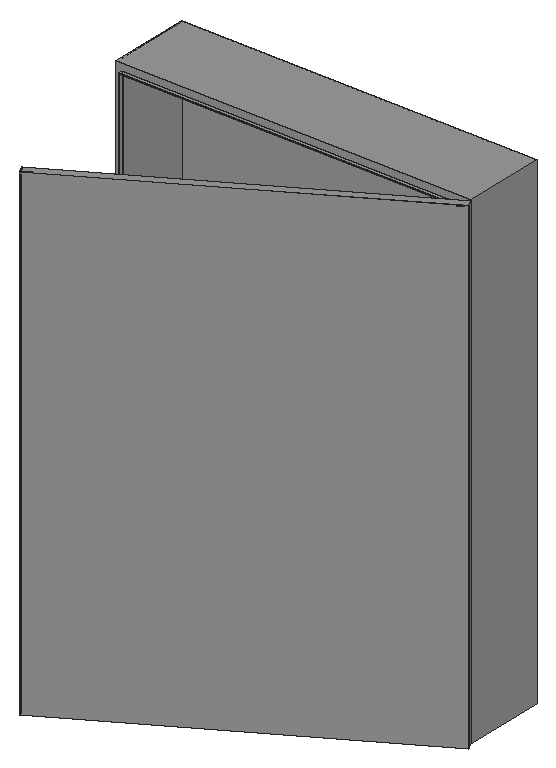
Revit family "Hager-Univers-IP44-D205-H1100-Cl.I-Encl-NoHosted-AT-de", category Equipement électrique, Revit 2020
Family settings
  Configuration du panneau = Deux colonnes, circuits au sein
  Cote de connecteur circulaire = Utiliser le diamètre
  Type d'élément = Tableau de raccordement
  Basée sur le plan de construction = Oui
  Toujours verticalement = Oui
  Couper avec des vides une fois chargée = Non
  Partagée = Non
  Point de calcul de pièce = Non
Parameters (values of type "Aufputz IP44 B800 H1100 T205  - FP73TN2")
  Width Control [instance] = if([EF000008 - Breite] > Min Width, [EF000008 - Breite], Min Width)  # 800 mm
  Commentaires du type = [HG000003 - Bereich]  # "Univers"
  Thickness Door [instance] = if([EF009171 - Materialstärke Tür/Deckel] > 3 mm, 3 mm, [EF009171 - Materialstärke Tür/Deckel])  # 1 mm
  Seal Frame Offset [instance] = 17 mm  # constant formula
  Plinth Visibility [instance] = [HG000027 - Sockelhöhe] > 0 mm  # no
  Min Width [instance] = 100 mm  # constant formula
  Min Depth [instance] = (2 * [EF009170 - Materialstärke Gehäuse]) + 1 mm  # 3 mm
  Min Height [instance] = 100 mm  # constant formula
  Internal Frame Depth [instance] = (Door System Depth * 0.5)  # 9 mm
  Panel Name [instance] = ""  # (empty or 0)
  Model = ""
  HG000027 - Sockelhöhe = 0 mm
  HG000026 - Stehend auf dem Boden = no
  HG000024 - Höhe des unteren Teils = 600 mm
  HG000023 - Gehäuse mit doppeltem Querschnitt = no
  HG000016 - 3D-Türsichtbarkeit [instance] = yes
  HG000015 - Sichtbarkeit der Türöffnung [instance] = no
  HG000014 - Tür rechts [instance] = yes
  HG000013 - Tür links [instance] = not([HG000014 - Tür rechts])  # no
  HG000012 - Türschwenkwinkel [instance] = 30.00°
  HG000010 - Asymmetrische Türen = no
  HG000009 - Doppelflügeligen Tür = no
  HG000006 - Unterputz = no
  HG000004 - Herstellerreferenz = "FP73TN2"
  HG000003 - Bereich = "Univers"
  HG000002 - Mit tür = yes
  Frame Offset Bottom [instance] = 10 mm  # constant formula
  Frame Offset [instance] = 15 mm  # constant formula
  EF015940 - Deckel mit Überdruckentlastung = no
  EF011959 - Schutzart (NEMA) = ""
  EF009554 - Anzahl der Öffnungen für Flanschplatten = 6
  EF009212 - Ausführung Deckel = "EV000116 - geschlossen"
  EF009171 - Materialstärke Tür/Deckel = 1 mm
  EF009170 - Materialstärke Gehäuse = 1 mm
  EF008873 - Nennstrom (In) = 250 A
  EF007800 - Geeignet für Blitzschutz = no
  EF006306 - Mit Schloss = no
  EF006244 - Transparenter Deckel/Tür = no
  EF005474 - Schutzart (IP) = "EV006418 - IP44"
  EF004464 - Art der Tür = "EV002646 - Einzel"
  EF004427 - Anzahl der Module = 252
  EF004293 - Schlagfestigkeit = "EV006815 - IK09"
  EF003532 - Geeignet für Außengebrauch = no
  EF002950 - Breite in Teilungseinheiten = 36
  EF001613 - Funktionserhalt = "EV000494 - ohne"
  EF001596 - Werkstoff des Gehäuses = "EV000179 - Stahl"
  EF001131 - Innentiefe = 130 mm
  EF001088 - Anbaumöglichkeit = yes
  EF000437 - Anzahl der Leitungseinführungen = 6
  EF000339 - Art der Abdeckung = "EV001012 - Deckel"
  EF000266 - Anzahl der Reihen = 7
  EF000218 - Einbautiefe = 205 mm
  EF000118 - Mit Montageplatte = no
  EF000116 - RAL-Nummer = "9010"
  EF000049 - Tiefe = 205 mm
  EF000040 - Höhe = 1100 mm
  EF000008 - Breite = 800 mm
  EF000007 - Farbe = "EV000202 - weiß"
  EF000003 - Montageart = "EV000384 - Aufputz"
  Door System Leaf Tolerance [instance] = 1.5 mm  # constant formula
  Door System Depth [instance] = 18 mm  # constant formula
  Door Height [instance] = Height Control - [HG000027 - Sockelhöhe]  # 1100 mm
  Description = ""
  Default Elevation = 1219.2 mm
  Connector Offset [instance] = Height Control / 2  # 550 mm
  Fabricant = "Hager"  # constant formula
  Height Control [instance] = if([EF000040 - Höhe] > Min Height, [EF000040 - Höhe], Min Height)  # 1100 mm
  Depth Control [instance] = if([EF000049 - Tiefe] > Min Depth, [EF000049 - Tiefe], Min Depth)  # 205 mm
  Bottom Top Plate Trim [instance] = 1.5 mm  # constant formula
  Plinth height Ctrl [instance] = if([HG000027 - Sockelhöhe] > 0 mm, [HG000027 - Sockelhöhe], 12 mm)  # 12 mm
Types (4, lengths in mm): name | Width Control | HG000010 - Asymmetrische Türen | HG000009 - Doppelflügeligen Tür | HG000004 - Herstellerreferenz | EF009554 - Anzahl der Öffnungen für Flanschplatten | EF004464 - Art der Tür | EF004427 - Anzahl der Module | EF002950 - Breite in Teilungseinheiten | EF000437 - Anzahl der Leitungseinführungen | EF000008 - Breite
  Aufputz IP44 B1050 H1100 T205  - FP74TN2 | 1050 | no | yes | "FP74TN2" | 8 | "EV003602 - Doppel" | 336 | 48 | 8 | 1050
  Aufputz IP44 B1300 H1100 T205  - FP75TN2 | 1300 | yes | yes | "FP75TN2" | 10 | "EV003602 - Doppel" | 420 | 60 | 10 | 1300
  Aufputz IP44 B550 H1100 T205  - FP72TN2 | 550 | no | no | "FP72TN2" | 4 | "EV002646 - Einzel" | 168 | 24 | 4 | 550
  Aufputz IP44 B800 H1100 T205  - FP73TN2 | 800 | no | no | "FP73TN2" | 6 | "EV002646 - Einzel" | 252 | 36 | 6 | 800
Reference planes
  plane 1 "Center (Front/Back)": y = 0
  plane 2: z = 0
  plane 3 "Center (Left/Right)": x = 0
  plane 4: y = 0
  plane 5: y = 0
  plane 6: z = 0
  plane 7: x = -400
  plane 8: x = 400
  plane 9: x = 399
  plane 10: x = -399
  plane 11: z = 0
  plane 12: z = 1
  plane 13: y = -205
  plane 14: y = -1
  plane 15: x = 0
  plane 16: y = -187
  plane 17: y = -204
  plane 18: y = -186
  plane 19: x = -384
  plane 20: x = 384
  plane 21: z = 11
  plane 22: x = -383
  plane 23: x = 383
  plane 24: z = 0
  plane 25: z = 1100
  plane 26: z = 1100
  plane 27: z = 1084
  plane 28: z = 1099
Forms (mm)
  Extrusion 1, solid, material "Hager_Steel_RAL7035_Light_Grey", detail levels medium+fine
    sketch origin (-208.679, -4572, 0) x (-1, 0, 0) y (0, -1, 0)
      loop
        line (191.321, -4385) -> (-608.679, -4385) -> (-608.679, -4572) -> (191.321, -4572) -> (191.321, -4385)
    from 0 to 1100
  Extrusion 2, void
    sketch origin (-350.771, -205, 1219.2) x (1, 0, 0) y (0, 0, 1)
      loop
        line (-48.229, -120.2) -> (-48.229, -1218.2) -> (749.771, -1218.2) -> (749.771, -120.2) -> (-48.229, -120.2)
    from -19 to -204
  Extrusion 3, void
    sketch origin (-290.084, -187, 1219.2) x (1, 0, 0) y (0, 0, 1)
      loop
        line (-93.916, -1208.2) -> (674.084, -1208.2) -> (674.084, -135.2) -> (-93.916, -135.2) -> (-93.916, -1208.2)
    from 0 to -1
  Extrusion 4, solid, material "Hager_Steel_RAL7035_Light_Grey", visible <- "Plinth Visibility", detail levels medium+fine
    sketch origin (0, 0, 0) x (1, 0, 0) y (0, 1, 0)
      loop
        line (-400, 0) -> (-400, -187) -> (400, -187) -> (400, 0) -> (-400, 0)
    from 0 to 12 <- "Plinth height Ctrl"
  Extrusion 5, solid, material "Hager_Steel_RAL7035_Light_Grey", detail levels coarse
    sketch origin (0, 0, 0) x (1, 0, 0) y (0, 1, 0)
      loop
        line (-400, 0) -> (-400, -205) -> (400, -205) -> (400, 0) -> (-400, 0)
    from 0 to 1100 <- "Height Control"
  Sweep 6, void
    path in 3D
      loop
        line (-400, -187, 12) -> (400, -187, 12) -> (400, 0, 12) -> (-400, 0, 12) -> (-400, -187, 12)
    profile origin (-400, -93.5, 12) x (1, 0, 0) y (0, 0, 1)
      loop
        line (0, 0) -> (0, -1.5) -> (1.5, -1.5)
        arc (1.5, -1.5) -> (1.061, -0.439) -> (0, 0) r 1.5
  Extrusion 7, solid, material "Hager_Steel_RAL7035_Light_Grey", detail levels fine
    sketch origin (-400, -187, 0) x (1, 0, 0) y (0, 0, 1)
      loop
        line (16, 11) -> (784, 11) -> (784, 1084) -> (16, 1084) -> (16, 11)
      loop
        line (15, 10) -> (785, 10) -> (785, 1085) -> (15, 1085) -> (15, 10)
    from 0 to 9 <- "Internal Frame Depth"
Cuts and joins
  Extrusion 2, Extrusion 3 cuts Extrusion 1
  Sweep 6 cuts Extrusion 4
Lines and regions (mm)
  Masking region 1
    outline origin (0, 0, 0) x (1, 0, 0) y (0, 1, 0)
      loop
        line (-400, 0) -> (-400, -205) -> (400, -205) -> (400, 0) -> (-400, 0)
  Masking region 2, detail levels coarse
    outline origin (-290.084, -187, 1219.2) x (-1, 0, 0) y (0, 0, 1)
      loop
        line (-690.084, -1219.2) -> (109.916, -1219.2) -> (109.916, -119.2) -> (-690.084, -119.2) -> (-690.084, -1219.2)
  Masking region 3, detail levels coarse
    outline origin (0, 0, 0) x (0, 1, 0) y (0, 0, 1)
      loop
        line (0, 0) -> (0, 1100) -> (-205, 1100) -> (-205, 0) -> (0, 0)
  Masking region 4, visible <- "Plinth Visibility", detail levels medium+fine
    outline origin (0, 0, 0) x (0, 1, 0) y (0, 0, 1)
      loop
        line (-1.5, 12) -> (-185.5, 12)
        arc (-185.5, 12) -> (-185.939, 10.939) -> (-187, 10.5) r 1.5
        line (-187, 10.5) -> (-187, 0) -> (0, 0) -> (0, 10.5)
        arc (0, 10.5) -> (-1.061, 10.939) -> (-1.5, 12) r 1.5
  Masking region 5, detail levels medium+fine
    outline origin (0, 0, 594.038) x (0, 1, 0) y (0, 0, 1)
      loop
        line (0, -594.038) -> (0, 505.962) -> (-187, 505.962) -> (-187, -594.038) -> (0, -594.038)
  Masking region 6, detail levels medium+fine
    outline origin (-359.7, -187, 1211.883) x (-1, 0, 0) y (0, 0, 1)
      loop
        line (-759.7, -1211.883) -> (40.3, -1211.883) -> (40.3, -111.883) -> (-759.7, -111.883) -> (-759.7, -1211.883)
  Masking region 7, visible <- "Plinth Visibility", detail levels medium+fine
    outline origin (-320.334, -187, 1041.368) x (-1, 0, 0) y (0, 0, 1)
      loop
        line (-720.334, -1041.368) -> (79.666, -1041.368) -> (79.666, -1030.868)
        arc (79.666, -1030.868) -> (78.606, -1030.429) -> (78.166, -1029.368) r 1.5
        line (78.166, -1029.368) -> (-718.834, -1029.368)
        arc (-718.834, -1029.368) -> (-719.273, -1030.429) -> (-720.334, -1030.868) r 1.5
        line (-720.334, -1030.868) -> (-720.334, -1041.368)
  sketch lines
    curve 1: line (-400, 0, 12) -> (-400, -187, 12)
    curve 2: line (-400, -187, 12) -> (400, -187, 12)
    curve 3: line (400, 0, 12) -> (-400, 0, 12)
    curve 4: line (400, -187, 12) -> (400, 0, 12)
Dimensions and locks
  locked: plane 1 "Center (Front/Back)" to plane 5
  "EF009170 - Materialstärke Gehäuse": plane 7 to plane 10
  "EF009170 - Materialstärke Gehäuse": plane 8 to plane 9
  equal spacing: plane 7, plane 3 "Center (Left/Right)", plane 8
  "Width Control": plane 7 to plane 8
  "Depth Control": plane 4 to plane 13
  "EF009170 - Materialstärke Gehäuse": plane 4 to plane 14
  "Height Control": plane 25 to level
  "HG000027 - Sockelhöhe": plane 11 to level
  "EF009170 - Materialstärke Gehäuse": plane 12 to plane 11
  "EF009170 - Materialstärke Gehäuse": plane 17 to plane 13
  "EF009170 - Materialstärke Gehäuse": plane 18 to plane 16
  "Frame Offset Bottom": plane 21 to plane 12
  "Frame Offset": plane 10 to plane 19
  "Frame Offset": plane 9 to plane 20
  "Door System Depth": plane 16 to plane 13
  "Seal Frame Offset": plane 7 to plane 22
  "Seal Frame Offset": plane 8 to plane 23
  "EF009170 - Materialstärke Gehäuse": plane 26 to plane 28
  "Frame Offset": plane 28 to plane 27
  "Connector Offset": plane 2 to connector elem
  "Bottom Top Plate Trim": profile plane to Sweep 6 sketch curve
  "Bottom Top Plate Trim": Sweep 6 sketch curve to Sweep 6 sketch curve
  "Plinth height Ctrl": Masking region 4 sketch curve to level
  "Plinth height Ctrl": Masking region 7 sketch curve to level
  "Thickness Door": Extrusion 7 sketch curve to Extrusion 7 sketch curve  (x4)
  "Bottom Top Plate Trim": radius of Sweep 6 sketch curve
  "Bottom Top Plate Trim": radius of Masking region 4 sketch curve  (x2)
  "Bottom Top Plate Trim": radius of Masking region 7 sketch curve  (x2)
  aligned and locked: Extrusion 2 sketch curve to plane 12
  aligned and locked: Extrusion 2 sketch curve to plane 9
  aligned and locked: Extrusion 2 sketch curve to plane 10
  aligned and locked: Extrusion 2 to plane 14
  aligned and locked: Extrusion 1 sketch curve to plane 4
  aligned and locked: plane 8 to Extrusion 1 sketch curve
  aligned and locked: plane 7 to Extrusion 1 sketch curve
  aligned and locked: Extrusion 2 to plane 18
  aligned and locked: Extrusion 3 sketch curve to plane 19
  aligned and locked: plane 20 to Extrusion 3 sketch curve
  aligned and locked: Extrusion 3 to Extrusion 2
  aligned and locked: Extrusion 3 sketch curve to plane 21
  aligned and locked: plane 3 "Center (Left/Right)" to nested 1
  aligned and locked: Extrusion 1 sketch curve to plane 16
  aligned and locked: Extrusion 4 sketch curve to cut or joined group of Extrusion 1, Extrusion 2, Extrusion 3
  aligned and locked: Masking region 1 sketch curve to plane 7
  aligned and locked: Masking region 1 sketch curve to plane 5
  aligned and locked: Masking region 1 sketch curve to plane 8
  aligned and locked: Masking region 2 sketch curve to level
  aligned and locked: level to Masking region 3 sketch curve
  aligned and locked: plane 1 "Center (Front/Back)" to Masking region 3 sketch curve
  aligned and locked: plane 13 to Masking region 3 sketch curve
  aligned and locked: plane 5 to Masking region 4 sketch curve
  aligned and locked: Masking region 2 sketch curve to plane 8
  aligned and locked: Masking region 2 sketch curve to plane 7
  aligned and locked: plane 7 to nested 2
  aligned and locked: nested 2 to plane 5
  aligned and locked: plane 5 to Masking region 5 sketch curve
  aligned and locked: plane 26 to Masking region 5 sketch curve
  aligned and locked: Extrusion 5 sketch curve to plane 8
  aligned and locked: Extrusion 5 sketch curve to plane 7
  aligned and locked: Extrusion 5 sketch curve to plane 5
  aligned and locked: Extrusion 3 sketch curve to plane 27
  aligned and locked: Extrusion 2 sketch curve to plane 28
  aligned and locked: Masking region 2 to plane 25
  aligned and locked: Extrusion 4 to plane 16
  aligned and locked: profile plane to Sweep 6 sketch curve
  aligned and locked: Masking region 5 sketch curve to plane 24
  aligned and locked: level to Masking region 4 sketch curve
  aligned and locked: Masking region 1 to plane 13
  aligned and locked: nested 1 to plane 16
  aligned and locked: Masking region 3 to plane 25
  aligned and locked: plane 16 to Masking region 4 sketch curve
  aligned and locked: Masking region 5 sketch curve to plane 16
  aligned and locked: plane 24 to plane 11
  aligned and locked: plane 26 to plane 25
  aligned and locked: plane 26 to cut or joined group of Extrusion 1, Extrusion 2, Extrusion 3
  aligned and locked: nested 1 to plane 24
  aligned and locked: Extrusion 1 to Extrusion 3
  aligned and locked: Masking region 6 sketch curve to plane 8
  aligned and locked: Masking region 6 sketch curve to plane 24
  aligned and locked: Masking region 6 sketch curve to plane 7
  aligned and locked: Masking region 6 sketch curve to plane 26
  aligned and locked: Masking region 7 sketch curve to plane 7
  aligned and locked: level to Masking region 7 sketch curve
  aligned and locked: Masking region 7 sketch curve to plane 8
  aligned and locked: Extrusion 7 sketch curve to cut or joined group of Extrusion 1, Extrusion 2, Extrusion 3  (x4)
Automatic sketch dimensions
  plane 19 to Extrusion 3 sketch curve = 0 mm
  Extrusion 3 sketch curve to plane 20 = 0 mm
  Extrusion 3 sketch curve to plane 21 = 0 mm
  Extrusion 4 sketch curve to plane 7 = 0 mm
  Extrusion 4 sketch curve to plane 8 = 0 mm
  Extrusion 4 sketch curve to plane 16 = 0 mm
  Masking region 1 sketch curve to plane 13 = 0 mm
  Masking region 2 sketch curve to plane 25 = 0 mm
  Masking region 3 sketch curve to plane 25 = 0 mm
  Extrusion 5 sketch curve to plane 13 = 0 mm
  profile plane to Sweep 6 sketch curve = 0 mm
Nested families
  nested 1: "EC000058_Univers_Door" at (0, -187, 0), Double <- "HG000009 - Doppelflügeligen Tür", Transparent <- "EF006244 - Transparenter Deckel/Tür", Angle <- "HG000012 - Türschwenkwinkel", Door_Right <- "HG000014 - Tür rechts", Assymetrical <- "HG000010 - Asymmetrische Türen", Door <- "HG000002 - Mit tür", Width_Ctrl <- "Width Control", 3d_Door <- "HG000016 - 3D-Türsichtbarkeit", Clearance <- "HG000015 - Sichtbarkeit der Türöffnung", Door_Left <- "HG000013 - Tür links", Width <- "Width Control", Door_Depth <- "Door System Depth", Leaf_Tolerance <- "Door System Leaf Tolerance", Height <- "Door Height", Lock_Visibility <- "EF006306 - Mit Schloss", Thickness <- "Thickness Door", type "EC000058_Univers_Door", detail levels medium+fine
    with min_wh 3 mm, Width_Ctrl 800 mm, Width 800 mm, Transparent no, Thickness 1 mm, Seal_Material Hager_Rubber, Lock_Visibility no, Lock_Material Hager_Plastic_RAL9005_Jet_Black, Leaf_Width 800 mm, Leaf_Tolerance_External_Sides 0 mm, Leaf_Tolerance 1.5 mm, Leaf_Offset 0 mm, Leaf_Height 1097 mm, Leaf_2_Width 800 mm, Leaf_2_Offset 400 mm, Leaf_1_Width 800 mm, Leaf_1_Offset 400 mm, Height_Ctrl 1100 mm, Height 1100 mm, Glass_Material Hager_Glass, Double_Clearance_Ctrl no, Double no, Door_Right_Ctrl yes, Door_Right yes, Door_Material Hager_Steel_RAL7035_Light_Grey, Door_Left_Ctrl no, Door_Left no, Door_Depth 18 mm, Door yes, Clearance_Material Hager_Clearance, Clearance_Depth 800 mm, Clearance_Ctrl no, Clearance no, Assymetrical no, Angle 30.00°, 3d_Door yes
  nested 2: "Hager_Enclosure_Symbol" at (-400, 0, 0), Height <- "Depth Control", Width <- "Width Control", type "Hager_Enclosure_Symbol"
    with Width_Ctrl 800 mm, Width 800 mm, Height_Ctrl 205 mm, Height 205 mm, A_Width_Int 13.453 mm, A_Width 161.438 mm, A_Height_Ctrl 179.375 mm, A_Height 179.375 mm
Connectors
  electrical at (0, 0, 550)
    settings: on plane 1 "Center (Front/Back)", index 1, voltage 0 V, apparent load 0 VA, apparent load phase1 0 VA, apparent load phase2 0 VA, apparent load phase3 0 VA, power factor 1, load classification "Other", number of poles 1, system type 30, power factor state 1, is connector primary yes, connector utility no, sub classification motor no, connector description ""
Definition of nested family "EC000058_Univers_Door"
  Parameters (values of type "EC000058_Univers_Door")
    min_wh [instance] = (2 * Thickness) + 1 mm  # 11 mm
    Width_Ctrl [instance] = 400 mm
    Width [instance] = 500 mm
    Transparent [instance] = yes
    Thickness [instance] = 5 mm
    Seal_Material [instance] = none
    Lock_Visibility [instance] = yes
    Lock_Material [instance] = none
    Leaf_Width [instance] = if((Width_Ctrl - 2 * Leaf_Tolerance_External_Sides) > 0 mm, (Width_Ctrl - 2 * Leaf_Tolerance_External_Sides), min_wh)  # 400 mm
    Leaf_Tolerance_External_Sides [instance] = 0 mm  # constant formula
    Leaf_Tolerance [instance] = 1.5 mm
    Leaf_Offset [instance] = 0 mm  # constant formula
    Leaf_Height [instance] = if((Height_Ctrl - 2 * Leaf_Tolerance) > 0 mm, (Height_Ctrl - 2 * Leaf_Tolerance), min_wh)  # 497 mm
    Leaf_2_Width [instance] = if(and(and(Double, Assymetrical), Door_Left), (Leaf_Width / 3) - (Leaf_Tolerance / 2), if(and(and(Double, Assymetrical), Door_Right), (Leaf_Width / 3) * 2 - (Leaf_Tolerance / 2), if(and(Double, not(Assymetrical)), (Leaf_Width / 2) - Leaf_Tolerance, Leaf_Width)))  # 400 mm
    Leaf_2_Offset [instance] = if(and(Double, Assymetrical), Leaf_2_Width / 2, if(and(Double, not(Assymetrical)), Leaf_Width / 4, Leaf_Width / 2))  # 200 mm
    Leaf_1_Width [instance] = if(and(and(Double, Assymetrical), Door_Right), (Leaf_Width / 3) - (Leaf_Tolerance / 2), if(and(and(Double, Assymetrical), Door_Left), (Width / 3) * 2 - (Leaf_Tolerance / 2), if(and(Double, not(Assymetrical)), (Leaf_Width / 2) - Leaf_Tolerance, Leaf_Width)))  # 400 mm
    Leaf_1_Offset [instance] = if(and(Double, Assymetrical), Leaf_1_Width / 2, if(and(Double, not(Assymetrical)), Leaf_Width / 4, Leaf_Width / 2))  # 200 mm
    Height_Ctrl [instance] = if(Height > min_wh, Height, min_wh)  # 500 mm
    Height [instance] = 500 mm
    Glass_Material [instance] = none
    Double_Clearance_Ctrl [instance] = and(Double, Clearance)  # no
    Double [instance] = no
    Door_Right_Ctrl [instance] = and(or(Door_Right, Double), Door)  # yes
    Door_Right [instance] = yes
    Door_Material [instance] = none
    Door_Left_Ctrl [instance] = and(or(Door_Left, Double), Door)  # no
    Door_Left [instance] = no
    Door_Depth [instance] = 30 mm
    Door [instance] = yes
    Default Elevation = 1219.2 mm
    Clearance_Material [instance] = none
    Clearance_Depth [instance] = if(Leaf_1_Width > Leaf_2_Width, Leaf_1_Width, Leaf_2_Width)  # 400 mm
    Clearance_Ctrl [instance] = and(not(Double), Clearance)  # yes
    Clearance [instance] = yes
    Assymetrical [instance] = yes
    Angle [instance] = 30.00°
    3d_Door [instance] = yes
  Reference planes
    plane 1 "Center (Front/Back)": y = 0
    plane 2 "Bottom": z = 0
    plane 3 "Center (Left/Right)": x = 0
    plane 4: z = 500
    plane 5: x = -200
    plane 6: x = 200
    plane 7: z = 500
    plane 8: x = -200
    plane 9: z = 0
    plane 10: x = 200
    plane 11: y = 0
    plane 12: z = 1.5
    plane 13: x = -600
    plane 14: y = -400
    plane 15: x = 600
    plane 16: x = 0
    plane 17: x = 0
    plane 18: x = -200
    plane 19: x = 200
    plane 20: z = 498.5
  Forms (mm)
    Extrusion 1, solid, material <- "Clearance_Material", visible <- "Double_Clearance_Ctrl"
      sketch origin (1200, 0, 0) x (1, 0, 0) y (0, 0, -1)
        loop
          line (-1800, -498.5) -> (-600, -498.5) -> (-600, 0) -> (-1800, 0) -> (-1800, -498.5)
      from 0 to -400
  Dimensions and locks
    equal spacing: plane 5, plane 3 "Center (Left/Right)", plane 6
    "Width_Ctrl": plane 5 to plane 6
    "Leaf_Offset": plane 5 to plane 8
    "Leaf_Offset": plane 6 to plane 10
    "Leaf_Offset": plane 9 to level
    "Leaf_Offset": plane 4 to plane 7
    "Height_Ctrl": plane 4 to level
    "Leaf_Tolerance": plane 12 to plane 9
    locked: plane 11 to plane 1 "Center (Front/Back)"
    "Leaf_1_Offset": plane 18 to plane 16
    "Leaf_2_Offset": plane 17 to plane 19
    "Leaf_1_Width": plane 13 to plane 8
    "Leaf_2_Width": plane 10 to plane 15
    "Clearance_Depth": plane 14 to plane 1 "Center (Front/Back)"
    "Leaf_Tolerance_External_Sides": plane 8 to plane 18
    "Leaf_Tolerance_External_Sides": plane 19 to plane 10
    "Leaf_Tolerance": plane 7 to plane 20
    aligned and locked: level to plane 2 "Bottom"
    aligned and locked: nested 1 to plane 16
    aligned and locked: nested 2 to plane 17
    aligned and locked: Extrusion 1 to plane 13
    aligned and locked: plane 15 to Extrusion 1
    aligned and locked: Extrusion 1 to plane 14
    aligned and locked: plane 12 to nested 1
    aligned and locked: nested 2 to plane 12
    aligned and locked: Extrusion 1 to plane 11
    aligned and locked: plane 20 to Extrusion 1
    aligned and locked: nested 2 to plane 11
    aligned and locked: nested 1 to plane 11
  Automatic sketch dimensions
    Extrusion 1 sketch curve to level = 0 mm
    plane 5 to Extrusion 1 sketch curve = 400 mm
    plane 6 to Extrusion 1 sketch curve = 400 mm
    Extrusion 1 sketch curve to plane 4 = 1.5 mm
  Nested families
    nested 1: "EC000058_Univers_Door_Leaf" at (0, 0, 1.5), Width <- "Leaf_1_Width", visible <- "Door_Left_Ctrl", Leaf_Height <- "Leaf_Height", Angle <- "Angle", 3d_Door <- "3d_Door", Transparent <- "Transparent", Clearance Material <- "Clearance_Material", Clearance <- "Clearance_Ctrl", Door_Material <- "Door_Material", Glass_Material <- "Glass_Material", Door_Depth <- "Door_Depth", Lock_Material <- "Lock_Material", Seal_Material <- "Seal_Material", Lock_Visibility <- "Lock_Visibility", Thickness <- "Thickness", type "EC000058_Univers_Door_Leaf"
      with Width 400 mm, Transparent_Glass_Offset 30 mm, Transparent_Ctrl yes, Transparent yes, Thickness 5 mm, Standard no, Seal_Material none, Seal_D2 8 mm, Seal_D1 1 mm, Offset_Internal_Frame 10 mm, Lock_Width 20 mm, Lock_Visibility_3d yes, Lock_Visibility yes, Lock_Thickness_3 3 mm, Lock_Thickness_2 1 mm, Lock_Thickness_1 3 mm, Lock_Radius_Offset_2 16 mm, Lock_Radius_Offset_1 15 mm, Lock_Radius_2 5 mm, Lock_Radius 6 mm, Lock_Offset 5 mm, Lock_Material none, Lock_Height 80 mm, Lock_Cover_Top_Offset_2d 17 mm, Lock_Cover_Height -65 mm, Leaf_Height 497 mm, Internal_Seal_Thickness 8 mm, Internal_Seal_Depth_2 4.5 mm, Internal_Frame_Depth 25 mm, Glass_Thickness -1 mm, Glass_Offset -2 mm, Glass_Material none, Door_Material none, Door_Depth 30 mm, Clearance Material none, Clearance yes, Angle_Ctrl 30.00°, Angle 30.00°, 3d_Door yes
    nested 2: "EC000058_Univers_Door_Leaf" at (0, 0, 1.5) x (-1, 0, 0) z (0, 0, 1), Width <- "Leaf_2_Width", visible <- "Door_Right_Ctrl", Leaf_Height <- "Leaf_Height", Angle <- "Angle", 3d_Door <- "3d_Door", Transparent <- "Transparent", Clearance Material <- "Clearance_Material", Clearance <- "Clearance_Ctrl", Door_Material <- "Door_Material", Glass_Material <- "Glass_Material", Door_Depth <- "Door_Depth", Lock_Material <- "Lock_Material", Seal_Material <- "Seal_Material", Lock_Visibility <- "Lock_Visibility", Thickness <- "Thickness", type "EC000058_Univers_Door_Leaf"
      with Width 400 mm, Transparent_Glass_Offset 30 mm, Transparent_Ctrl yes, Transparent yes, Thickness 5 mm, Standard no, Seal_Material none, Seal_D2 8 mm, Seal_D1 1 mm, Offset_Internal_Frame 10 mm, Lock_Width 20 mm, Lock_Visibility_3d yes, Lock_Visibility yes, Lock_Thickness_3 3 mm, Lock_Thickness_2 1 mm, Lock_Thickness_1 3 mm, Lock_Radius_Offset_2 16 mm, Lock_Radius_Offset_1 15 mm, Lock_Radius_2 5 mm, Lock_Radius 6 mm, Lock_Offset 5 mm, Lock_Material none, Lock_Height 80 mm, Lock_Cover_Top_Offset_2d 17 mm, Lock_Cover_Height -65 mm, Leaf_Height 497 mm, Internal_Seal_Thickness 8 mm, Internal_Seal_Depth_2 4.5 mm, Internal_Frame_Depth 25 mm, Glass_Thickness -1 mm, Glass_Offset -2 mm, Glass_Material none, Door_Material none, Door_Depth 30 mm, Clearance Material none, Clearance yes, Angle_Ctrl 30.00°, Angle 30.00°, 3d_Door yes
  Definition of nested family "EC000058_Univers_Door_Leaf"
    Parameters (values of type "EC000058_Univers_Door_Leaf")
      Width [instance] = 2000 mm
      Transparent_Glass_Offset [instance] = 30 mm
      Transparent_Ctrl [instance] = and(Transparent, [3d_Door])  # yes
      Transparent [instance] = yes
      Thickness [instance] = 5 mm
      Standard [instance] = and(not(Transparent), [3d_Door])  # no
      Seal_Material [instance] = none
      Seal_D2 [instance] = 8 mm  # constant formula
      Seal_D1 [instance] = 1 mm  # constant formula
      Offset_Internal_Frame [instance] = 10 mm  # constant formula
      Lock_Width [instance] = 20 mm  # constant formula
      Lock_Visibility_3d [instance] = and(Lock_Visibility, [3d_Door])  # yes
      Lock_Visibility [instance] = yes
      Lock_Thickness_3 [instance] = 3 mm  # constant formula
      Lock_Thickness_2 [instance] = 1 mm  # constant formula
      Lock_Thickness_1 [instance] = 3 mm  # constant formula
      Lock_Radius_Offset_2 [instance] = Lock_Radius_Offset_1 + 1 mm  # 16 mm
      Lock_Radius_Offset_1 [instance] = 15 mm  # constant formula
      Lock_Radius_2 [instance] = Lock_Radius - 1 mm  # 5 mm
      Lock_Radius [instance] = 6 mm  # constant formula
      Lock_Offset [instance] = 5 mm  # constant formula
      Lock_Material [instance] = none
      Lock_Height [instance] = 80 mm  # constant formula
      Lock_Cover_Top_Offset_2d [instance] = Lock_Radius_Offset_2 + 1 mm  # 17 mm
      Lock_Cover_Height [instance] = -(Lock_Height - Lock_Radius_Offset_1)  # -65 mm
      Leaf_Height [instance] = 2720.336 mm
      Internal_Seal_Thickness [instance] = 8 mm  # constant formula
      Internal_Seal_Depth_2 [instance] = 4.5 mm  # constant formula
      Internal_Frame_Depth [instance] = if(Door_Depth - Thickness > 5 mm, Door_Depth - Thickness, 5 mm)  # 25 mm
      Glass_Thickness [instance] = if(Thickness > 15 mm, Glass_Offset + 10 mm, -1 mm)  # -1 mm
      Glass_Offset [instance] = if(Thickness > 15 mm, -(Thickness + 10 mm) / 2, -2 mm)  # -2 mm
      Glass_Material [instance] = none
      Door_Material [instance] = none
      Door_Depth [instance] = 30 mm
      Default Elevation = 0 mm
      Clearance Material [instance] = none
      Clearance [instance] = yes
      Angle_Ctrl [instance] = if(Angle > 180.00°, 180.00°, Angle)  # 90.00°
      Angle [instance] = 90.00°
      3d_Door [instance] = yes
    Reference planes
      plane 1 "Center (Front/Back)": y = 0
      plane 2: z = 0
      plane 3 "Center (Left/Right)": x = 0
      plane 4: y = 2000
      plane 5: x = -1000
      plane 6: x = 1000
      plane 7: x = -3000
      plane 8: z = 2720.336
      plane 9: z = 30
      plane 10: z = 2690.336
      plane 11: x = 970
      plane 12: x = -970
      plane 13: y = -3
      plane 14: z = 107.833
      plane 15: y = -5
      plane 16: y = -223.314
      plane 17: x = -1000
      plane 18: z = 1360.168
      plane 19: y = 30
    Forms (mm)
      Extrusion 1, solid, material <- "Clearance Material", visible <- "Clearance"
        sketch origin (0, 0, 0) x (1, 0, 0) y (0, 0, 1)
          loop
            line (-3000, 2720.336) -> (-3000, 0) -> (1000, 0) -> (1000, 2720.336) -> (-3000, 2720.336)
        from 0 to -2000
      Extrusion 2, solid, material <- "Door_Material", visible <- "Standard", detail levels medium+fine
        sketch origin (-1000, 0, 0) x (0, 1, 0) y (-1, 0, 0)
          loop
            line (0, 30) -> (0, 25) -> (2000, 25) -> (2000, 30) -> (0, 30)
        from 0 to 2720.336 <- "Leaf_Height"
      Extrusion 3, solid, material <- "Door_Material", visible <- "Transparent_Ctrl", detail levels medium+fine
        sketch origin (-1000, 0, 0) x (0, 1, 0) y (-1, 0, 0)
          loop
            line (0, 25) -> (2000, 25) -> (2000, 30) -> (0, 30) -> (0, 25)
        from 0 to 2720.336 <- "Leaf_Height"
      Extrusion 4, void
        sketch origin (-1025, 2000, 0) x (0, 1, 0) y (0, 0, -1)
          loop
            line (-30, -2690.336) -> (-30, -30) -> (-1970, -30) -> (-1970, -2690.336) -> (-30, -2690.336)
        from 0 to 5 <- "Thickness"
      Sweep 5, solid, material <- "Seal_Material", visible <- "Transparent_Ctrl", detail levels fine
        path in 3D
          loop
            line (-1025, 30, 30) -> (-1025, 30, 2690.336) -> (-1025, 1970, 2690.336) -> (-1025, 1970, 30) -> (-1025, 30, 30)
        profile origin (-1025, 1000, 30) x (1, 0, 0) y (0, 0, 1)
          loop
            line (0, 0) -> (0, -8) -> (1, -8) -> (1, 0) -> (0, 0)
      Extrusion 6, solid, material <- "Glass_Material", visible <- "Transparent_Ctrl", detail levels medium+fine
        sketch origin (-1030, 0, 0) x (0, 1, 0) y (0, 0, -1)
          loop
            line (1970, -2690.336) -> (1970, -30) -> (30, -30) -> (30, -2690.336) -> (1970, -2690.336)
        from -2 <- "Glass_Offset" to -1 <- "Glass_Thickness"
      Extrusion 7, solid, material <- "Door_Material", visible <- "3d_Door", detail levels medium+fine
        sketch origin (-1025, 2000, 0) x (0, -1, 0) y (0, 0, -1)
          loop
            line (0, -2720.336) -> (2000, -2720.336) -> (2000, 0) -> (0, 0) -> (0, -2720.336)
          loop
            line (1995, -5) -> (5, -5) -> (5, -2715.336) -> (1995, -2715.336) -> (1995, -5)
        from 0 to 25 <- "Internal_Frame_Depth"
      Sweep 8, solid, material <- "Seal_Material", visible <- "Transparent_Ctrl", detail levels fine
        path in 3D
          loop
            line (-1025, 0, 0) -> (-1025, 2000, 0) -> (-1025, 2000, 2720.336) -> (-1025, 0, 2720.336) -> (-1025, 0, 0)
        profile origin (-1025, 0, 1360.168) x (1, 0, 0) y (0, 1, 0)
          loop
            line (0, 10) -> (2.975, 10)
            arc (2.975, 10) -> (4.053, 10.447) -> (4.5, 11.525) r 1.525
            line (4.5, 11.525) -> (4.5, 16.527)
            arc (4.5, 16.527) -> (4.069, 17.569) -> (3.027, 18) r 1.473
            line (3.027, 18) -> (0, 18) -> (0, 10)
      Extrusion 9, solid, material <- "Lock_Material", visible <- "Lock_Visibility_3d", detail levels fine
        sketch origin (-1030, 0, 0) x (0, 1, 0) y (0, 0, -1)
          loop
            arc (1993.5, -1400.168) -> (1994.561, -1399.729) -> (1995, -1398.668) r 1.5
            line (1995, -1398.668) -> (1995, -1320.168) -> (1975, -1320.168) -> (1975, -1398.668)
            arc (1975, -1398.668) -> (1975.439, -1399.729) -> (1976.5, -1400.168) r 1.5
            line (1976.5, -1400.168) -> (1993.5, -1400.168)
        from 3 <- "Lock_Thickness_1" to 0
      Blend 10, solid, material <- "Lock_Material", visible <- "Lock_Visibility_3d", detail levels fine
        base sketch origin (-1033, 0, 0) x (0, 1, 0) y (0, 0, -1)
          loop
            line (1975, -1320.168) -> (1975, -1398.668)
            arc (1975, -1398.668) -> (1975.439, -1399.729) -> (1976.5, -1400.168) r 1.5
            line (1976.5, -1400.168) -> (1993.5, -1400.168)
            arc (1993.5, -1400.168) -> (1994.561, -1399.729) -> (1995, -1398.668) r 1.5
            line (1995, -1398.668) -> (1995, -1320.168) -> (1975, -1320.168)
        top sketch origin (-1033, 0, 0) x (0, 1, 0) y (0, 0, -1)
          loop
            line (1976, -1320.168) -> (1976, -1398.668)
            arc (1976, -1398.668) -> (1976.146, -1399.022) -> (1976.5, -1399.168) r 0.5
            line (1976.5, -1399.168) -> (1993.5, -1399.168)
            arc (1993.5, -1399.168) -> (1993.854, -1399.022) -> (1994, -1398.668) r 0.5
            line (1994, -1398.668) -> (1994, -1320.168) -> (1976, -1320.168)
        from 0 to 1 <- "Lock_Thickness_2"
      Blend 11, solid, material <- "Lock_Material", visible <- "Lock_Visibility_3d", detail levels fine
        base sketch origin (-1034, 0, 0) x (0, 1, 0) y (0, 0, -1)
          loop
            line (1978, -1320.168) -> (1978, -1384.168)
            arc (1978, -1384.168) -> (1985, -1391.168) -> (1992, -1384.168) r 7
            line (1992, -1384.168) -> (1992, -1320.168) -> (1978, -1320.168)
        top sketch origin (-1034, 0, 0) x (0, 1, 0) y (0, 0, -1)
          loop
            line (1991, -1320.168) -> (1979, -1320.168) -> (1979, -1383.168)
            arc (1979, -1383.168) -> (1985, -1389.168) -> (1991, -1383.168) r 6
            line (1991, -1383.168) -> (1991, -1320.168)
        from 0 to 3 <- "Lock_Thickness_3"
      Extrusion 12, solid, material <- "Lock_Material", visible <- "Lock_Visibility_3d", detail levels fine
        sketch origin (-1030, 1975, 1320.168) x (1, 0, 0) y (0, -1, 0)
          loop
            line (-7, -19) -> (-7, -1) -> (0, -1) -> (0, 0) -> (-8, 0) -> (-8, -20) -> (0, -20) -> (0, -19) -> (-7, -19)
        from 0 to -65 <- "Lock_Cover_Height"
      Extrusion 13, void
        sketch origin (-1038, 1995, 1320.168) x (-1, 0, 0) y (0, 0, -1)
          loop
            line (-5, -65) -> (0, -65) -> (-5, -60) -> (-5, -65)
        from 0 to 20 <- "Lock_Width"
      Extrusion 14, void
        sketch origin (-1038, 1975, 1320.168) x (0, -1, 0) y (0, 0, -1)
          loop
            circle (-10, -15.995) r 6
          loop
            circle (-10, -15.995) r 5
        from 0 to 2
      Extrusion 15, solid, material <- "Lock_Material", visible <- "Lock_Visibility_3d", detail levels medium
        sketch origin (-1030, 0, 0) x (0, 1, 0) y (0, 0, -1)
          loop
            arc (1993.5, -1400.168) -> (1994.561, -1399.729) -> (1995, -1398.668) r 1.5
            line (1995, -1398.668) -> (1995, -1320.168) -> (1975, -1320.168) -> (1975, -1398.668)
            arc (1975, -1398.668) -> (1975.439, -1399.729) -> (1976.5, -1400.168) r 1.5
            line (1976.5, -1400.168) -> (1993.5, -1400.168)
        from 8 to 0
    Cuts and joins
      Extrusion 4 cuts Extrusion 3
      Extrusion 13, Extrusion 14 cuts Extrusion 9
      Extrusion 14 cuts Blend 11
      Extrusion 13, Extrusion 14 cuts Extrusion 12
      joined: Extrusion 9, Blend 10, Blend 11, Extrusion 12
      Extrusion 14 cuts Extrusion 15
    Lines and regions (mm)
      Masking region 1, visible <- "Lock_Visibility", detail levels fine
        outline origin (0, 0, 0) x (0, 1, 0) y (0, 0, 1)
          loop
            line (30, 1320.168) -> (33, 1320.168) -> (33, 1400.168) -> (30, 1400.168) -> (30, 1320.168)
      Masking region 2, visible <- "Lock_Visibility", detail levels fine
        outline origin (0, 3.143, 0) x (0, 1, 0) y (0, 0, 1)
          loop
            line (29.857, 1354.168) -> (30.857, 1354.168) -> (30.857, 1366.168) -> (29.857, 1366.168) -> (29.857, 1354.168)
      Masking region 3, detail levels medium+fine
        outline origin (0, 0, 0) x (0, 1, 0) y (0, 0, 1)
          loop
            line (0, 0) -> (30, 0) -> (30, 2720.336) -> (0, 2720.336) -> (0, 0)
      Masking region 4, detail levels medium+fine
        outline origin (0, 0, 0) x (1, 0, 0) y (0, 0, 1)
          loop
            line (-1000, 2720.336) -> (-1000, 0) -> (1000, 0) -> (1000, 2720.336) -> (-1000, 2720.336)
      Masking region 5, visible <- "Lock_Visibility", detail levels fine
        outline origin (-47.116, 0, 0) x (1, 0, 0) y (0, 0, 1)
          loop
            arc (1024.616, 1399.168) -> (1023.556, 1398.729) -> (1023.116, 1397.668) r 1.5
            line (1023.116, 1397.668) -> (1023.116, 1320.168) -> (1041.116, 1320.168) -> (1041.116, 1397.668)
            arc (1041.116, 1397.668) -> (1040.677, 1398.729) -> (1039.616, 1399.168) r 1.5
            line (1039.616, 1399.168) -> (1024.616, 1399.168)
      Masking region 6, visible <- "Lock_Visibility", detail levels medium+fine
        outline origin (-25, 0, 0) x (1, 0, 0) y (0, 0, 1)
          loop
            arc (1001.5, 1400.168) -> (1000.439, 1399.729) -> (1000, 1398.668) r 1.5
            line (1000, 1398.668) -> (1000, 1320.168) -> (1020, 1320.168) -> (1020, 1398.668)
            arc (1020, 1398.668) -> (1019.561, 1399.729) -> (1018.5, 1400.168) r 1.5
            line (1018.5, 1400.168) -> (1001.5, 1400.168)
      Masking region 7, visible <- "Lock_Visibility", detail levels fine
        outline origin (-73.735, 0, 0) x (1, 0, 0) y (0, 0, 1)
          loop
            line (1051.735, 1382.168) -> (1065.735, 1382.168) -> (1065.735, 1384.168)
            arc (1065.735, 1384.168) -> (1058.735, 1391.168) -> (1051.735, 1384.168) r 7
            line (1051.735, 1384.168) -> (1051.735, 1382.168)
      Masking region 8, visible <- "Lock_Visibility", detail levels fine
        outline origin (-73.735, 0, 0) x (1, 0, 0) y (0, 0, 1)
          loop
            line (1052.735, 1382.168) -> (1064.735, 1382.168) -> (1064.735, 1383.168)
            arc (1064.735, 1383.168) -> (1058.735, 1389.168) -> (1052.735, 1383.168) r 6
            line (1052.735, 1383.168) -> (1052.735, 1382.168)
      Masking region 9, visible <- "Lock_Visibility", detail levels fine
        outline origin (-25, 0, 0) x (1, 0, 0) y (0, 0, 1)
          loop
            line (1020, 1320.168) -> (1020, 1382.168) -> (1000, 1382.168) -> (1000, 1320.168) -> (1020, 1320.168)
      Masking region 10, detail levels medium+fine
        outline origin (0, 0, 0) x (1, 0, 0) y (0, 0, 1)
          loop
            circle (985, 1335.144) r 6
      Masking region 11, detail levels fine
        outline origin (0, 0, 0) x (1, 0, 0) y (0, 0, 1)
          loop
            circle (985, 1335.144) r 5
      Masking region 12, visible <- "Lock_Visibility", detail levels fine
        outline origin (0, 12.767, 0) x (0, 1, 0) y (0, 0, 1)
          loop
            line (20.233, 1320.168) -> (21.233, 1320.168) -> (21.233, 1399.168) -> (20.233, 1400.168) -> (20.233, 1320.168)
      Masking region 13, visible <- "Lock_Visibility", detail levels fine
        outline origin (0, 13.767, -10) x (0, 1, 0) y (0, 0, 1)
          loop
            line (20.233, 1330.168) -> (23.233, 1330.168) -> (23.233, 1399.168) -> (20.233, 1402.168) -> (20.233, 1330.168)
      Masking region 14, visible <- "Lock_Visibility", detail levels fine
        outline origin (0, 12.767, -10) x (0, 1, 0) y (0, 0, 1)
          loop
            line (20.233, 1330.168) -> (25.233, 1330.168) -> (25.233, 1399.305) -> (20.233, 1394.305) -> (20.233, 1330.168)
      Masking region 15, visible <- "Lock_Visibility", detail levels medium
        outline origin (0, 0, 0) x (0, 1, 0) y (0, 0, 1)
          loop
            line (30, 1320.168) -> (38, 1320.168) -> (38, 1400.168) -> (30, 1400.168) -> (30, 1320.168)
      Masking region 16, visible <- "Lock_Visibility", detail levels fine
        outline origin (-1000, 0, 0) x (0, 1, 0) y (-1, 0, 0)
          loop
            line (1975, 30) -> (1995, 30) -> (1995, 38) -> (1975, 38) -> (1975, 30)
          loop
            line (1979, 37) -> (1976, 37) -> (1976, 34) -> (1978, 34) -> (1979, 37)
          loop
            line (1994, 37) -> (1991, 37) -> (1992, 34) -> (1994, 34) -> (1994, 37)
      Masking region 17, visible <- "Lock_Visibility", detail levels medium
        outline origin (-1000, 0, 0) x (0, 1, 0) y (-1, 0, 0)
          loop
            line (1975, 30) -> (1995, 30) -> (1995, 38) -> (1975, 38) -> (1975, 30)
      symbolic lines
        curve 1: line (1000, 0, 0) -> (-3000, 0, 0)
        curve 2: arc (1000, 0, 0) -> (-1000, 2000, 0) -> (-3000, 0, 0) r 2000
        curve 4: line (-1030, 0, 0) -> (-1030, 2000, 0)
      reference lines
        curve 3: line (-1000, 0, 0) -> (-1000, 2000, 0)
      symbolic lines, detail levels medium+fine
        curve 5: line (-1030, 2000, 0) -> (-1025, 2000, 0)
        curve 7: line (-1025, 0, 0) -> (-1030, 0, 0)
        curve 8: line (-1025, 0, 0) -> (-1000, 0, 0)
        curve 9: line (-1000, 0, 0) -> (-1000, 2000, 0)
        curve 10: line (-1000, 2000, 0) -> (-1025, 2000, 0)
      symbolic lines, detail levels fine
        curve 6: line (-1025, 2000, 0) -> (-1025, 0, 0)
      sketch lines
        curve 11: line (-1025, 0, 2720.336) -> (-1025, 0, 0)
        curve 12: line (-1025, 2000, 0) -> (-1025, 0, 0)
        curve 13: line (-1025, 2000, 2720.336) -> (-1025, 2000, 0)
        curve 14: line (-1025, 0, 2720.336) -> (-1025, 2000, 2720.336)
        curve 15: line (-1025, 1970, 30) -> (-1025, 30, 30)
        curve 16: line (-1025, 30, 30) -> (-1025, 30, 2690.336)
        curve 17: line (-1025, 1970, 2690.336) -> (-1025, 1970, 30)
        curve 18: line (-1025, 30, 2690.336) -> (-1025, 1970, 2690.336)
      symbolic lines, visible <- "Transparent", detail levels medium+fine
        curve 19: line (-970, 0, 2690.336) -> (970, 0, 2690.336)
        curve 20: line (-970, 0, 30) -> (-970, 0, 2690.336)
        curve 21: line (970, 0, 30) -> (-970, 0, 30)
        curve 22: line (970, 0, 2690.336) -> (970, 0, 30)
    Dimensions and locks
      "Width": plane 1 "Center (Front/Back)" to plane 4
      equal spacing: plane 5, plane 3 "Center (Left/Right)", plane 6
      "Width": plane 5 to plane 6
      "Width": plane 7 to plane 5
      "Leaf_Height": plane 8 to level
      "Width": curve 5 to curve 3
      "Width": curve 3 to curve 3
      plane 8 to plane 10 = 30 mm
      plane 9 to level = 30 mm
      plane 12 to plane 5 = 30 mm
      plane 6 to plane 11 = 30 mm
      Extrusion 1 to Extrusion 4 sketch curve = 30 mm
      "Transparent_Glass_Offset": curve 3 to Extrusion 4 sketch curve
      "Transparent_Glass_Offset": Extrusion 4 sketch curve to cut or joined group of Extrusion 3, Extrusion 4  (x2)
      cut or joined group of Extrusion 3, Extrusion 4 to Extrusion 6 sketch curve = 30 mm
      "Transparent_Glass_Offset": cut or joined group of Extrusion 3, Extrusion 4 to Extrusion 4 sketch curve
      "Thickness": curve 6 to curve 4
      "Thickness": Extrusion 7 sketch curve to Extrusion 7 sketch curve  (x4)
      "Door_Depth": curve 4 to curve 3
      "Offset_Internal_Frame": profile plane to Sweep 8 sketch curve
      "Internal_Seal_Thickness": Sweep 8 sketch curve to Sweep 8 sketch curve
      "Internal_Seal_Depth_2": profile plane to Sweep 8 sketch curve
      "Seal_D1": profile plane to Sweep 5 sketch curve
      "Seal_D2": profile plane to Sweep 5 sketch curve
      "Thickness": Extrusion 2 sketch curve to Extrusion 2 sketch curve
      equal spacing: Extrusion 9 sketch curve, plane 18, Extrusion 9 sketch curve  (x2)
      equal spacing: Masking region 1 sketch curve, plane 18, Masking region 1 sketch curve
      "Lock_Height": Masking region 1 sketch curve to Masking region 1 sketch curve
      "Lock_Radius": Masking region 2 sketch curve to plane 18 to Masking region 2 sketch curve
      Masking region 2 sketch curve to Masking region 1 = 1 mm
      "Door_Depth": plane 19 to plane 1 "Center (Front/Back)"
      "Lock_Thickness_1": Masking region 1 sketch curve to plane 19
      "Lock_Width": Extrusion 9 sketch curve to Extrusion 9 sketch curve
      "Lock_Height": Extrusion 9 sketch curve to Extrusion 9 sketch curve
      "Lock_Offset": cut or joined group of Extrusion 3, Extrusion 4 to Extrusion 9 sketch curve
      equal spacing: plane 8, plane 18, level
      "Lock_Radius_Offset_1": Blend 11 sketch curve to Blend 10
      locked: Blend 10 to Blend 11 sketch curve at 2  (x2)
      locked: var sketch to Blend 11 sketch curve at 1  (x2)
      "Lock_Radius_Offset_2": Blend 11 sketch curve to Blend 10
      locked: Extrusion 12 sketch curve to Extrusion 12 sketch curve at 1  (x3)
      Masking region 6 sketch curve to Masking region 6 sketch curve = 80 mm
      "Lock_Height": Masking region 6 sketch curve to Masking region 6 sketch curve
      "Lock_Width": Masking region 6 sketch curve to Masking region 6 sketch curve
      locked: Masking region 6 to Masking region 5 sketch curve at 1  (x3)
      locked: Masking region 5 to Masking region 7 sketch curve at 2  (x2)
      "Lock_Radius_Offset_1": Masking region 5 to Masking region 7 sketch curve
      "Lock_Radius_Offset_2": Masking region 5 to Masking region 8 sketch curve
      locked: Masking region 7 to Masking region 8 sketch curve at 1  (x2)
      "Lock_Cover_Top_Offset_2d": Masking region 5 to Masking region 9 sketch curve
      equal spacing: Masking region 9, Masking region 10 sketch curve, Masking region 9
      equal spacing: Masking region 9, Masking region 11 sketch curve, Masking region 9
      Extrusion 15 sketch curve to Extrusion 15 sketch curve = 80 mm
      "Lock_Width": Extrusion 15 sketch curve to Extrusion 15 sketch curve
      "Lock_Height": Extrusion 15 sketch curve to Extrusion 15 sketch curve
      equal spacing: Extrusion 15 sketch curve, plane 18, Extrusion 15 sketch curve
      "Lock_Thickness_3": Masking region 13 sketch curve to Masking region 13 sketch curve
      "Lock_Height": Masking region 12 sketch curve to Masking region 12 sketch curve
      locked: Masking region 13 sketch curve to Masking region 1 at 8
      locked: Masking region 14 sketch curve to Masking region 13 at 1
      locked: Masking region 14 sketch curve to Masking region 1 at 10.863
      "Lock_Height": Masking region 15 sketch curve to Masking region 15 sketch curve
      "Lock_Offset": Extrusion 15 sketch curve to cut or joined group of Extrusion 3, Extrusion 4
      "Lock_Offset": plane 6 to Masking region 6 sketch curve
      radius of Sweep 8 sketch curve = 1.525 mm
      radius of Sweep 8 sketch curve = 1.473 mm
      radius of Extrusion 9 sketch curve = 1.5 mm  (x2)
      "Lock_Radius": radius of Extrusion 14 sketch curve
      "Lock_Radius_2": radius of Extrusion 14 sketch curve
      "Lock_Radius": radius of Masking region 10 sketch curve
      "Lock_Radius_2": radius of Masking region 11 sketch curve
      radius of Extrusion 15 sketch curve = 1.5 mm  (x2)
      "Angle_Ctrl": angle plane 1 "Center (Front/Back)" to curve 3
      locked: Masking region 12 sketch curve to Masking region 12 sketch curve (angle 45.00°)
      locked: Masking region 13 sketch curve to Masking region 13 sketch curve (angle 45.00°)
      locked: Masking region 14 sketch curve to Masking region 14 sketch curve (angle 45.00°)
      aligned and locked: level to plane 2
      aligned and locked: Extrusion 1 to curve 1
      aligned and locked: plane 6 to Extrusion 1
      aligned and locked: Extrusion 1 to plane 1 "Center (Front/Back)"
      aligned and locked: plane 4 to Extrusion 1
      aligned and locked: plane 8 to Extrusion 1
      aligned and locked: curve 7 to Extrusion 2 sketch curve
      aligned and locked: curve 5 to Extrusion 2 sketch curve
      aligned and locked: curve 7 to Extrusion 3 sketch curve
      aligned and locked: Extrusion 3 sketch curve to curve 4
      aligned and locked: Extrusion 3 sketch curve to curve 6
      aligned and locked: Extrusion 3 sketch curve to curve 5
      aligned and locked: curve 9 to curve 3
      aligned and locked: Extrusion 7 sketch curve to cut or joined group of Extrusion 3, Extrusion 4  (x4)
      aligned and locked: plane 17 to curve 3
      aligned and locked: plane 1 "Center (Front/Back)" to curve 3
      aligned and locked: plane 17 to plane 5
      aligned and locked: Sweep 8 sketch curve to profile plane
      aligned and locked: Sweep 5 sketch curve to profile plane  (x2)
      aligned and locked: Masking region 1 to Masking region 2 sketch curve
      aligned and locked: plane 19 to Masking region 1 sketch curve
      aligned and locked: plane 1 "Center (Front/Back)" to Masking region 3 sketch curve
      aligned and locked: plane 19 to Masking region 3 sketch curve
      aligned and locked: level to Masking region 3 sketch curve
      aligned and locked: Masking region 3 sketch curve to plane 8
      aligned and locked: plane 17 to Masking region 4 sketch curve
      aligned and locked: level to Masking region 4 sketch curve
      aligned and locked: Masking region 4 sketch curve to plane 8
      aligned and locked: plane 12 to curve 20
      aligned and locked: plane 10 to curve 19
      aligned and locked: plane 11 to curve 22
      aligned and locked: curve 21 to plane 9
      aligned and locked: Extrusion 2 sketch curve to cut or joined group of Extrusion 3, Extrusion 4
      aligned and locked: Blend 10 sketch curve to Extrusion 9  (x4)
      aligned and locked: Extrusion 9 to Blend 10 sketch curve
      aligned and locked: Blend 10 to Blend 11 sketch curve
      aligned and locked: Extrusion 12 sketch curve to Blend 11
      aligned and locked: Extrusion 12 sketch curve to Extrusion 9  (x4)
      aligned and locked: Masking region 5 sketch curve to Masking region 6
      aligned and locked: Masking region 9 sketch curve to Masking region 6  (x3)
      aligned and locked: Masking region 12 sketch curve to Masking region 1
      aligned and locked: Masking region 13 sketch curve to Masking region 1
      aligned and locked: Masking region 12 to Masking region 14
      aligned and locked: Masking region 14 sketch curve to Masking region 1
      aligned and locked: Masking region 15 sketch curve to Masking region 14
      aligned and locked: Masking region 13 sketch curve to Masking region 12
      aligned and locked: Masking region 16 sketch curve to cut or joined group of Extrusion 14, Extrusion 15  (x4)
      aligned and locked: Masking region 16 sketch curve to cut or joined group of Extrusion 9, Blend 10, Blend 11, Extrusion 12, Extrusion 13, Extrusion 14  (x6)
      aligned and locked: cut or joined group of Extrusion 9, Blend 10, Blend 11, Extrusion 12, Extrusion 13, Extrusion 14 to Masking region 16 sketch curve
      aligned and locked: Masking region 17 sketch curve to cut or joined group of Extrusion 14, Extrusion 15  (x3)
      aligned and locked: Masking region 17 sketch curve to cut or joined group of Extrusion 9, Blend 10, Blend 11, Extrusion 12, Extrusion 13, Extrusion 14
      aligned and locked: Masking region 9 to Masking region 8 sketch curve
      aligned and locked: Masking region 9 to Masking region 7 sketch curve
    Automatic sketch dimensions
      plane 1 "Center (Front/Back)" to curve 2 = 0 mm
      curve 2 to plane 5 = 0 mm
      Extrusion 1 sketch curve to level = 0 mm
      Extrusion 1 sketch curve to plane 7 = 0 mm
      Extrusion 1 sketch curve to plane 6 = 0 mm
      Extrusion 1 sketch curve to plane 8 = 0 mm
      Extrusion 3 to Extrusion 6 sketch curve = 30 mm  (x4)
      Masking region 4 sketch curve to plane 6 = 0 mm
      Blend 10 sketch curve to Extrusion 9 = 1.5 mm
      Blend 10 sketch curve to Extrusion 9 = 1 mm
      Extrusion 13 sketch curve to Extrusion 12 = 0 mm  (x2)
      Extrusion 12 to Extrusion 13 sketch curve = 3 mm
      Extrusion 13 sketch curve to Extrusion 12 = 5 mm
      Extrusion 14 sketch curve to Extrusion 14 sketch curve = 0 mm  (x2)
      Extrusion 14 sketch curve to Extrusion 12 = 10 mm
      Extrusion 14 sketch curve to Extrusion 12 = 15.995 mm
      Masking region 5 sketch curve to Masking region 5 sketch curve = 1.5 mm  (x2)
      Masking region 10 sketch curve to plane 18 = 25.024 mm
      Masking region 11 sketch curve to plane 18 = 25.024 mm
      plane 19 to Masking region 14 sketch curve = 3 mm
      Masking region 16 sketch curve to Masking region 16 sketch curve = 3 mm
      curve 4 to curve 3 = 0 mm
      Blend 10 to Blend 11 sketch curve = 0 mm
      Masking region 6 sketch curve to Masking region 6 sketch curve = 1.5 mm  (x2)
      Masking region 6 sketch curve to plane 18 = 40 mm
      plane 19 to Masking region 12 sketch curve = 3 mm
      Masking region 12 sketch curve to Masking region 12 sketch curve = 1 mm
      Masking region 15 sketch curve to plane 19 = 0 mm
      Masking region 15 sketch curve to plane 18 = 40 mm
      radius of Blend 10 sketch curve to Extrusion 9 = 1 mm
Definition of nested family "Hager_Enclosure_Symbol"
  Parameters (values of type "Hager_Enclosure_Symbol")
    Width_Ctrl [instance] = if(Width > 1 mm, Width, 1 mm)  # 102.27 mm
    Width [instance] = 102.27 mm
    Height_Ctrl [instance] = if(Height > 1 mm, Height, 1 mm)  # 66.5 mm
    A_Width_Int [instance] = if(A_Width / 12 > 2 mm, A_Width / 12, 2 mm)  # 4.364 mm
    A_Width [instance] = if(A_Height_Ctrl * 0.9 > 2 mm, A_Height_Ctrl * 0.9, 2 mm)  # 52.369 mm
    A_Height_Ctrl [instance] = if(A_Height > 2 mm, A_Height, 2 mm)  # 58.188 mm
    Height [instance] = 66.5 mm
    A_Height [instance] = Height - (Height / 8)  # 58.188 mm
  Reference planes
    plane 1 "Centre (avant/arrière)": y = 0
    plane 2: z = 0
    plane 3 "Centre (gauche/droite)": x = 0
    plane 4: x = 52.369
    plane 5: y = 33.042
    plane 6: y = 41.77
    plane 7: y = 66.5
    plane 8: x = 26.184
    plane 9: y = 37.406
    plane 10: x = 102.27
    plane 11: y = 66.5
    plane 12: y = 8.313
  Lines and regions (mm)
    Filled region 1, type "Solid_Black", in view "Niveau de réf."
      outline origin (0, 0, 0) x (1, 0, 0) y (0, 1, 0)
        loop
          line (52.369, 66.5) -> (33.188, 54.536) -> (45.365, 45.006) -> (52.369, 66.5)
    Filled region 2, type "Solid_Black", in view "Niveau de réf."
      outline origin (0, 0, 0) x (1, 0, 0) y (0, 1, 0)
        loop
          line (0, 0) -> (102.27, 0) -> (102.27, 66.5) -> (0, 0)
    detail lines, in view "Niveau de réf."
      curve 1: line (0, 8.313, 0) -> (26.184, 41.77, 0)
      curve 2: line (26.184, 41.77, 0) -> (26.184, 33.042, 0)
      curve 3: line (26.184, 33.042, 0) -> (52.369, 66.5, 0)
  Dimensions and locks
    "A_Width": plane 3 "Centre (gauche/droite)" to plane 4
    equal spacing: plane 3 "Centre (gauche/droite)", plane 8, plane 4
    equal spacing: plane 6, plane 9, plane 5
    equal spacing: curve 3, Filled region 1 sketch curve, Filled region 1 sketch curve
    "Height_Ctrl": plane 1 "Centre (avant/arrière)" to plane 11
    "A_Height_Ctrl": plane 11 to plane 12
    equal spacing: plane 11, plane 9, plane 12
    "A_Width_Int": plane 6 to plane 9
    "Width_Ctrl": plane 3 "Centre (gauche/droite)" to plane 10
    angle Filled region 1 sketch curve to curve 3 = 20.00°
    angle curve 3 to Filled region 1 sketch curve = 20.00°
    locked: curve 3 to Filled region 1 sketch curve (angle 90.00°)
    aligned and locked: plane 10 to Filled region 2
    aligned and locked: plane 11 to Filled region 2 sketch curve
    aligned and locked: plane 10 to Filled region 2 sketch curve
    aligned and locked: plane 3 "Centre (gauche/droite)" to curve 1
    aligned and locked: plane 12 to curve 1
    aligned and locked: plane 7 to plane 11
  Automatic sketch dimensions
    Filled region 1 sketch curve to plane 4 = 0 mm
    Filled region 1 sketch curve to plane 7 = 0 mm
    plane 1 "Centre (avant/arrière)" to Filled region 2 sketch curve = 0 mm
    Filled region 2 sketch curve to plane 3 "Centre (gauche/droite)" = 0 mm
    curve 2 to plane 6 = 0 mm
    curve 2 to plane 8 = 0 mm
    curve 3 to plane 4 = 0 mm
    curve 2 to plane 5 = 0 mm
    curve 3 to plane 7 = 0 mm
